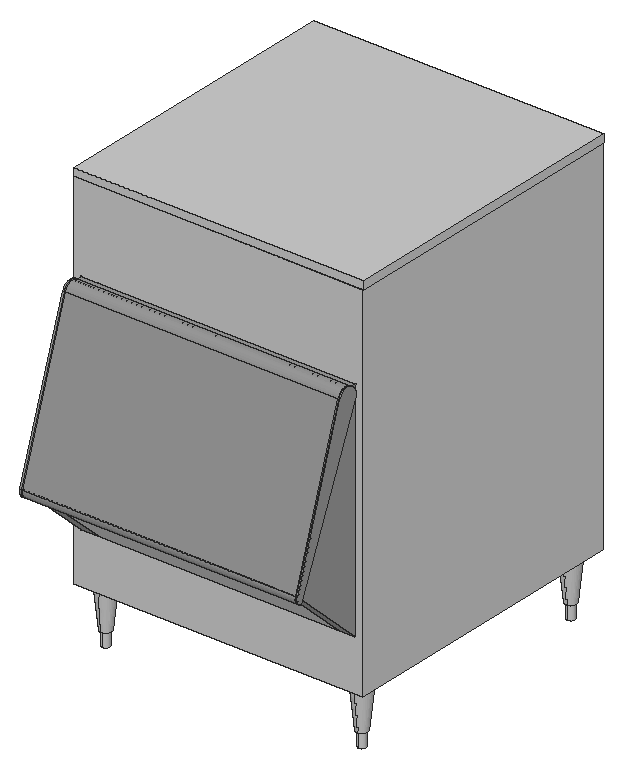
Revit family "QF_HOSHIZAKI_SG500-30", category Specialty Equipment, Revit 2016
Family settings
  Part Type = Normal
  Round Connector Dimension = Use Diameter
  OmniClass Number = 23.40.40.14
  OmniClass Title = Food Service Equipment
  Work Plane-Based = No
  Always vertical = Yes
  Cut with Voids When Loaded = No
  Shared = No
  Room Calculation Point = No
Parameters (values of type "SG500-30")
  Weight = 96.00 kg
  Waste Remarks [instance] = ""
  URL Cutsheet = ""
  URL = "www.hoshizaki-europe.com"
  Status [instance] = ""
  Specification by User [instance] = ""
  Specification by Manufacturer [instance] = ""
  Serial Number = ""
  Seismic Rating = ""
  SMACNA No = ""
  Revision Code [instance] = ""
  NAFEM Spec ID Number = ""
  Model = "SG500-30"
  Masterspec = ""
  Manufacturer = "HOSHIZAKI"
  Length Actual = 762 mm
  Item Number [instance] = ""
  Installed By [instance] = ""
  Indirect Waste Size = 25.4 mm
  Indirect Waste Connection Type [instance] = ""
  Indirect Waste Connection Height [instance] = 147 mm
  Identify Quantity as Lot [instance] = no
  Height Actual = 1130 mm
  Furnished By [instance] = ""
  Foodservice Equipment Identifier [instance] = yes
  Direct Waste RI Height [instance] = 0 mm
  Description = "UPRIGHT STORAGE BIN, 209KG BIN CAPACITY"
  Depth Actual = 787 mm
  Cost = 0
  CSI MasterFormat = ""
  Assembly Code = "E1090320"
  Accessory = no
Reference planes
  plane 1 "Center (Front/Back)": y = 0
  plane 2: z = 0
  plane 3 "Center (Left/Right)": x = 0
Forms (mm)
  Extrusion 1, solid, not visible
    sketch origin (380, -395, 146) x (1, 0, 0) y (0, 1, 0)
      loop
        line (0, 0) -> (2, 0) -> (2, 2) -> (0, 2) -> (0, 0)
    from 0 to 2
Dimensions and locks
  aligned and locked: level to plane 2
Nested families
  nested 1: "QF_HOSHIZAKI_SG-500-30" at (0, 0, 0), type "SG500-30"
    with Waste Water Discharge Temperature 0 °C, Status "", Specification by User "", Show Clearance yes, Revision Code "", Plumbing Remarks "", Plumbing Connection Type "", Item Number "", Installed By "", Indirect Waste Connection Type "", Indirect Waste Connection Height 147 mm, Identify Quantity as Lot no, Furnished By "", Foodservice Equipment Identifier yes
Connectors
  piping at (381, -393, 147), diameter 25.4, driven by "Indirect Waste Size"
    settings: on Extrusion 1, index 1, connector inside diameter 609.6 mm, connector length 0 mm, flow factor 0, pipe flow 0.0 L/s, pressure drop 0.0 Pa, fitting loss kfactor 0, connector angle 0.00°, fixture units 0, engagement length 0 mm, angle of deflection 0.00°, flow configuration 1, flow direction 2, fitting loss method 0, system type 16, joint type 0, gender type 0, connector reference index -1, connector utility 0, adjustable connector no, is connector primary yes, connector description "Drain connection for 'SG500-30'"
Definition of nested family "QF_HOSHIZAKI_SG-500-30"
  Parameters (values of type "SG500-30")
    Weight in Pounds = 211.6435
    Waste Water Discharge Temperature [instance] = 0 °C
    URL Cutsheet = "www.hoshizaki-europe.com"
    URL = "www.hoshizaki-europe.com"
    Status [instance] = ""
    Specification by User [instance] = ""
    Specification by Manufacturer = ""
    Show Clearance [instance] = yes
    Serial Number = ""
    Seismic Rating = ""
    SMACNA No = ""
    Revision Code [instance] = ""
    Plumbing Remarks [instance] = ""
    Plumbing Connection Type [instance] = ""
    NAFEM Spec ID Number = ""
    Model = "SG500-30"
    Masterspec = ""
    Manufacturer = "HOSHIZAKI"
    Item Number [instance] = ""
    Installed By [instance] = ""
    Indirect Waste Size = 25.4 mm
    Indirect Waste Flow = 0.0 L/s
    Indirect Waste Connection Type [instance] = ""
    Indirect Waste Connection Height [instance] = 147 mm
    Identify Quantity as Lot [instance] = no
    Furnished By [instance] = ""
    Foodservice Equipment Identifier [instance] = yes
    Description = "UPRIGHT STORAGE BIN, 209KG BIN CAPACITY"
    CSI MasterFormat = ""
    Assembly Code = "E1090320"
  Types (2, lengths in mm): name | Indirect Waste Size | Indirect Waste Connection Height | Identify Quantity as Lot
    (no name) | 0 | 0 | yes
    SG500-30 | 25.4 | 147 | no
  Values of the unnamed type that differ from the named types
    Weight in Pounds = 0
    Waste Water Discharge Temperature = -273.15 °C
    URL Cutsheet = ""
    URL = ""
    Model = ""
    Manufacturer = ""
    Description = ""
  Reference planes
    plane 1 "Back": y = 0
    plane 2: z = 0
    plane 3 "Left": x = 0
    plane 4 "Right": x = 762
    plane 5 "Front": y = -787
    plane 6 "Top": z = 1130
    plane 7: z = 888
    plane 8: z = 152
  Forms (mm)
    Extrusion 1, solid
      sketch origin (44.953, -123.309, 1110) x (1, 0, 0) y (0, 1, 0)
        loop
          line (-44.453, -663.691) -> (717.047, -663.691) -> (717.047, 123.309) -> (-44.453, 123.309) -> (-44.453, -663.691)
      from 0 to 20
    Extrusion 2, solid
      sketch origin (0, 0, -478) x (1, 0, 0) y (0, 1, 0)
        loop
          line (2.5, -2) -> (2.5, -787) -> (21, -787) -> (21, -777) -> (12.5, -777) -> (12.5, -12) -> (750, -12) -> (750, -777) -> (739, -777) -> (739, -787) -> (760, -787) -> (760, -2) -> (2.5, -2)
      from 1588 to 630
    Extrusion 3, solid
      sketch origin (0, 227, 881.182) x (1, 0, 0) y (0, 1, 0)
        loop
          line (21, -1004) -> (21, -1014) -> (739, -1014) -> (739, -1004) -> (21, -1004)
      from 0 to 228.818
    Extrusion 4, solid
      sketch origin (0, 227, 152) x (1, 0, 0) y (0, 1, 0)
        loop
          line (21, -1004) -> (21, -1014) -> (739, -1014) -> (739, -1004) -> (21, -1004)
      from 0 to 133
    Extrusion 5, solid
      sketch origin (0, 0, 152) x (1, 0, 0) y (0, 1, 0)
        loop
          line (12.5, -12) -> (12.5, -777) -> (750, -777) -> (750, -12) -> (12.5, -12)
      from 0 to 10
    Extrusion 6, solid
      sketch origin (23.5, 227, -808.51) x (0, 1, 0) y (0, 0, 1)
        loop
          line (-1014, 1093.51) -> (-1014, 1689.692) -> (-1204.884, 1271.512) -> (-1014, 1093.51)
      from 0 to 40
    Extrusion 7, solid
      sketch origin (17.5, 227, -625.612) x (0, 1, 0) y (0, 0, 1)
        loop
          line (-1200.443, 1069.621) -> (-1020.638, 1473.472)
          arc (-1020.638, 1473.472) -> (-1019.885, 1495.029) -> (-1034.318, 1511.059) r 28.791
          arc (-1034.318, 1511.059) -> (-1056.107, 1511.433) -> (-1070.389, 1494.974) r 25.765
          line (-1070.389, 1494.974) -> (-1209.984, 1092.316)
          arc (-1209.984, 1092.316) -> (-1209.56, 1079.141) -> (-1200.443, 1069.621) r 18.424
      from 0 to 5
    Extrusion 8, solid
      sketch origin (0, 227, -808.51) x (0, 1, 0) y (0, 0, 1)
        loop
          line (-1014, 1093.51) -> (-1004, 1093.51) -> (-1004, 1136.665) -> (-1014, 1136.665) -> (-1193.423, 1296.863) -> (-1204.884, 1271.512) -> (-1014, 1093.51)
      from 63.5 to 699
    Extrusion 9, solid
      sketch origin (71.5, 227, -625.612) x (0, 1, 0) y (0, 0, 1)
        loop
          line (-1205.434, 1093.235) -> (-1067.773, 1489.107)
          arc (-1067.773, 1489.107) -> (-1046.348, 1508.033) -> (-1024.628, 1489.446) r 21.785
          line (-1024.628, 1489.446) -> (-1014, 1506.794) -> (-1027.917, 1506.794)
          arc (-1027.917, 1506.794) -> (-1052.453, 1512.742) -> (-1070.389, 1494.974) r 25.892
          line (-1070.389, 1494.974) -> (-1209.984, 1092.316)
          arc (-1209.984, 1092.316) -> (-1209.56, 1079.141) -> (-1200.443, 1069.621) r 18.424
          line (-1200.443, 1069.621) -> (-1198.044, 1073.979)
          arc (-1198.044, 1073.979) -> (-1205.26, 1082.256) -> (-1205.434, 1093.235) r 15.987
      from 668.5 to -49
    Extrusion 10, solid, visible <- "Show Clearance", detail levels coarse
      sketch origin (0, 227, -919.328) x (0, 1, 0) y (0, 0, 1)
        loop
          arc (-1016, 2219.48) -> (-1478.032, 1870.238) -> (-1198.979, 1362.722) r 442.655
          arc (-1198.979, 1362.722) -> (-1209.011, 1371.672) -> (-1210.292, 1385.055) r 18.424
          line (-1210.292, 1385.055) -> (-1070.262, 1788.97)
          arc (-1070.262, 1788.97) -> (-1061.432, 1801.468) -> (-1047.295, 1807.328) r 27.556
          line (-1047.295, 1807.328) -> (-1016, 1807.328) -> (-1016, 2219.48)
      from 17.5 to 745
    Extrusion 11, solid
      sketch origin (740, 227, -625.612) x (0, 1, 0) y (0, 0, 1)
        loop
          line (-1200.443, 1069.621) -> (-1020.638, 1473.472)
          arc (-1020.638, 1473.472) -> (-1019.885, 1495.029) -> (-1034.318, 1511.059) r 28.791
          arc (-1034.318, 1511.059) -> (-1056.107, 1511.433) -> (-1070.389, 1494.974) r 25.765
          line (-1070.389, 1494.974) -> (-1209.984, 1092.316)
          arc (-1209.984, 1092.316) -> (-1209.56, 1079.141) -> (-1200.443, 1069.621) r 18.424
      from 0 to 5
    Extrusion 12, solid
      sketch origin (699, 227, -808.51) x (0, 1, 0) y (0, 0, 1)
        loop
          line (-1014, 1093.51) -> (-1014, 1689.692) -> (-1204.884, 1271.512) -> (-1014, 1093.51)
      from 0 to 40
    Revolve 13, solid
      sketch origin (45, -703.995, 0) x (0, 1, 0) y (0, 0, 1)
        loop
          line (-6.036, 152) -> (-33.005, 152) -> (-33.005, 0) -> (-23.005, 0) -> (-23.005, 38.119) -> (-18.005, 38.119) -> (-6.036, 152)
        axis (-33.005, 152) -> (-33.005, 0)
      angle from 0 to 360
    Revolve 14, solid
      sketch origin (717.5, -703.995, 0) x (0, 1, 0) y (0, 0, -1)
        loop
          line (-6.036, -152) -> (-18.005, -38.119) -> (-23.005, -38.119) -> (-23.005, 0) -> (-33.005, 0) -> (-33.005, -152) -> (-6.036, -152)
        axis (-33.005, -152) -> (-33.005, 0)
      angle from 0 to 360
    Revolve 15, solid
      sketch origin (45, -85.005, 0) x (0, -1, 0) y (0, 0, -1)
        loop
          line (-6.036, -152) -> (-18.005, -38.119) -> (-23.005, -38.119) -> (-23.005, 0) -> (-33.005, 0) -> (-33.005, -152) -> (-6.036, -152)
        axis (-33.005, -152) -> (-33.005, 0)
      angle from 0 to 360
    Revolve 16, solid
      sketch origin (717.5, -85.005, 0) x (0, -1, 0) y (0, 0, 1)
        loop
          line (-6.036, 152) -> (-33.005, 152) -> (-33.005, 0) -> (-23.005, 0) -> (-23.005, 38.119) -> (-18.005, 38.119) -> (-6.036, 152)
        axis (-33.005, 152) -> (-33.005, 0)
      angle from 0 to 360
    Extrusion 17, solid
      sketch origin (0, -393, 147) x (1, 0, 0) y (0, 1, 0)
        loop
          circle (381.25, 0) r 12.5
      from 0 to 5
  Cuts and joins
    joined: Extrusion 2, Extrusion 3, Extrusion 4
  Lines and regions (mm)
    symbolic lines
      curve 1: line (0, 0, 0) -> (762, 0, 0)
      curve 2: line (0, -787, 0) -> (0, 0, 0)
      curve 3: line (762, -787, 0) -> (0, -787, 0)
      curve 4: line (762, 0, 0) -> (762, -787, 0)
      curve 8: line (17.5, -984, 0) -> (745, -984, 0)
      curve 9: line (745, -984, 0) -> (745, -787, 0)
      curve 10: line (17.5, -984, 0) -> (17.5, -787, 0)
    symbolic lines, visible <- "Show Clearance", detail levels coarse
      curve 5: line (17.5, -984, 0) -> (17.5, -1260.795, 0)
      curve 6: line (17.5, -1260.795, 0) -> (745, -1260.795, 0)
      curve 7: line (745, -1260.795, 0) -> (745, -984, 0)
  Dimensions and locks
    aligned and locked: level to plane 2
  Connectors
    piping at (381.25, -393, 147), diameter 25.4, driven by "Indirect Waste Size", driven by "Indirect Waste Flow"
      settings: on Extrusion 17, index 1, connector inside diameter 609.6 mm, connector length 0 mm, flow factor 0, pipe flow 0.0 L/s, pressure drop 0.0 Pa, fitting loss kfactor 0, connector angle 0.00°, fixture units 0, engagement length 0 mm, angle of deflection 0.00°, flow configuration 1, flow direction 2, fitting loss method 0, system type 16, joint type 0, gender type 0, connector reference index -1, connector utility 0, adjustable connector no, is connector primary yes, connector description "Indirect Waste Connection"
